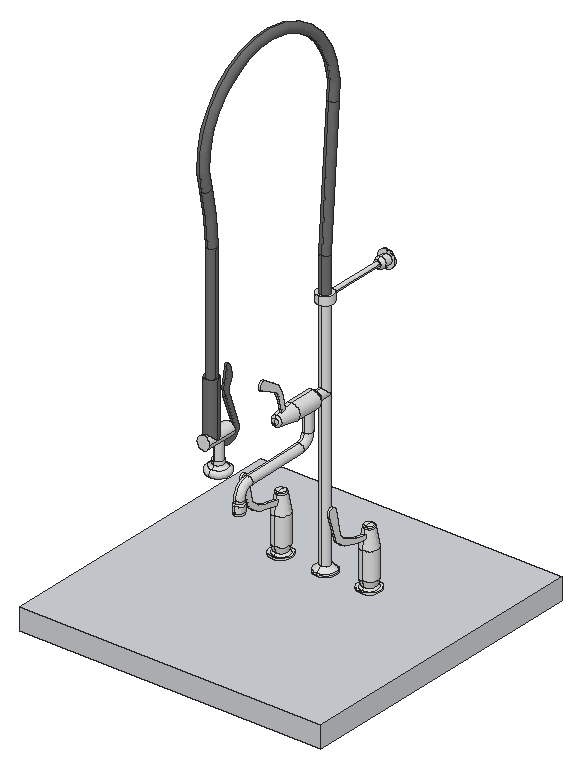
Revit family
Parameters (values of type "TF83HJP")
  WELSRating_ANZRS = ""
  URL = "www.galvinengineering.com.au"
  Type Comments = "Ezy-Wash Pre-Rinse"
  StyleOrType_ANZRS = "Plumbing Fixture"
  PlumbingMaterial_ANZRS = Metal_Taps_DR-Brass-with-Chrome-Finish_10800
  Outlet = "1000mm long high pressure hose with swivel ends"
  ModifiedIssue_ANZRS = 20120721.01  # constant formula
  Model = "TF83HJP"
  Manufacturer = "Galvin Engineering"
  Keynote = "15400"
  Instructions = "http://www.galvinengineering.com.au/Installation_Guides_1.aspx"
  Inlet = "15mm BSP Male"
  FlowRate = 0.000 L/s
  FlexibleHoseMaterial = Rubber_Taps_Black-with-Spring_10800
  FilterObject_ANZRS = "Ezy-Wash"
  DimInletRadius = 7.5 mm  # constant formula
  DimHeight = 1200 mm  # constant formula
  DimAdjustableLength [instance] = 180 mm
  Description = "Hob Mounted Pre-Rinse Exposed Mixing Unit Type 83H"
  Default Elevation = 900 mm
  CreatedBy_ANZRS = "Galvin Engineering"
  CreatedByURL_ANZRS = "www.galvinengineering.com.au"
  CreatedByPhoneNo_ANZRS = "61-8-92495900"
  Assembly Code = "D2010"
Reference planes
  plane 1 "Back": y = 0
  plane 2 "Face": z = 0
  plane 3 "Center (Left/Right)": x = 0
  plane 4 "Top": z = 1200
  plane 5 "CutLength": y = 180
  plane 6: y = 152.411
  plane 7 "Outlet1": z = 230
  plane 8 "Depth1": y = -250.131
  plane 9 "Front": y = -310.475
  plane 10 "Left": x = -102.5
  plane 11 "Right": x = 102.5
  plane 12: z = 340
Forms (mm)
  Extrusion 1, solid
    sketch origin (0, -719.2, 0) x (1, 0, 0) y (0, 1, 0)
      loop
        line (-350, 969.2) -> (-350, 269.2) -> (350, 269.2) -> (350, 969.2) -> (-350, 969.2)
    from 0 to -50
  Revolve 2, solid, material "Metal_Taps_DR-Brass-with-Chrome-Finish_10800" <- "PlumbingMaterial_ANZRS"
    sketch origin (0, 0, 0) x (0, 1, 0) y (0, 0, 1)
      loop
        line (0, 580.451) -> (-19, 580.451) -> (-19, 562.451) -> (-11.1, 562.451) -> (-11.1, 14.3) -> (-12.2, 14.3) -> (-24.082, 4.295)
        arc (-24.082, 4.295) -> (-24.87, 3.266) -> (-25.15, 2) r 3
        line (-25.15, 2) -> (-25.15, 0) -> (0, 0) -> (0, 580.451)
      axis (0, 580.451) -> (0, 0)
    angle from 0 to 360
  Revolve 3, solid, material "Metal_Taps_DR-Brass-with-Chrome-Finish_10800" <- "PlumbingMaterial_ANZRS"
    sketch origin (0, -140, 275) x (0, 0, 1) y (0, -1, 0)
      loop
        line (-21.167, 110.475) -> (-21.167, 120.475) -> (-26.583, 122.458) -> (-40.125, 122.458) -> (-45, 121.808) -> (-45, 110.475) -> (-21.167, 110.475)
      axis (-21.167, 110.475) -> (-45, 110.475)
    angle from 0 to 360
  Extrusion 4, solid, material "Metal_Taps_DR-Brass-with-Chrome-Finish_10800" <- "PlumbingMaterial_ANZRS"
    sketch origin (0, 76, 40) x (0, 0, 1) y (0, -1, 0)
      loop
        arc (405.482, 238.054) -> (391.839, 220.276) -> (371.613, 210.628) r 48
        line (371.613, 210.628) -> (337.488, 203.375) -> (339.435, 192.543) -> (379.064, 200.966)
        arc (379.064, 200.966) -> (400.215, 210.054) -> (416.278, 226.543) r 59
        line (416.278, 226.543) -> (432.699, 251.829)
        arc (432.699, 251.829) -> (429.833, 265.317) -> (416.345, 262.45) r 9.75
        line (416.345, 262.45) -> (405.482, 238.054)
    from -2.5 to 2.5
  Sweep 5, solid, material "Metal_Taps_DR-Brass-with-Chrome-Finish_10800" <- "PlumbingMaterial_ANZRS"
    path origin (0, 76, 40) x (0, 0, 1) y (0, -1, 0)
      loop
        line (213.833, 326.475) -> (218.713, 326.475)
        arc (218.713, 326.475) -> (237.45, 318.81) -> (245.44, 300.209) r 26.731
        line (245.44, 300.209) -> (248.035, 151.369)
        arc (248.035, 151.369) -> (255.672, 133.591) -> (273.581, 126.264) r 25.55
        line (273.581, 126.264) -> (333.751, 126.264)
    profile origin (0, -50.264, 343.666) x (0, -1, 0) y (1, 0, 0)
      loop
        circle (0, 0) r 10
  Revolve 6, solid, material "Metal_Taps_DR-Brass-with-Chrome-Finish_10800" <- "PlumbingMaterial_ANZRS"
    sketch origin (-102.5, 0, 0) x (0, 0, -1) y (0, -1, 0)
      loop
        line (-86.013, -19.05) -> (-22.175, -19.05) -> (-8, -15) -> (-3, -19) -> (-3, -25.4) -> (0, -25.4) -> (0, 0) -> (-132.978, 0)
        arc (-132.978, 0) -> (-132.706, -5.074) -> (-131.894, -10.089) r 47.506
        line (-131.894, -10.089) -> (-130.013, -11.5) -> (-128.013, -11.5) -> (-86.013, -19.05)
      axis (-132.978, 0) -> (0, 0)
    angle from 0 to 360
  Extrusion 7, solid, material "Metal_Taps_DR-Brass-with-Chrome-Finish_10800" <- "PlumbingMaterial_ANZRS"
    sketch origin (-102.5, 0, 33.75) x (0, 0, -1) y (0, -1, 0)
      loop
        arc (-116.164, 89.621) -> (-97.665, 66.141) -> (-88.739, 37.613) r 82.557
        line (-88.739, 37.613) -> (-81.485, 3.488) -> (-70.653, 5.435) -> (-79.077, 45.064)
        arc (-79.077, 45.064) -> (-87.612, 73.542) -> (-104.654, 97.903) r 93.519
        line (-104.654, 97.903) -> (-164.94, 116.838)
        arc (-164.94, 116.838) -> (-178.427, 113.972) -> (-175.56, 100.484) r 9.75
        line (-175.56, 100.484) -> (-116.164, 89.621)
    from -2.5 to 2.5
  Revolve 8, solid, material "Metal_Taps_DR-Brass-with-Chrome-Finish_10800" <- "PlumbingMaterial_ANZRS"
    sketch origin (0, 182.495, 38.919) x (0, 0, 1) y (0, -1, 0)
      loop
        line (532.575, 30.084) -> (523.865, 30.084) -> (520.575, 21.522) -> (520.575, 4.495) -> (512.575, 4.495) -> (512.575, 2.495) -> (532.575, 2.495) -> (532.575, 30.084)
      axis (532.575, 30.084) -> (532.575, 2.495)
    angle from 0 to 360
  Extrusion 9, solid, material "Metal_Taps_DR-Brass-with-Chrome-Finish_10800" <- "PlumbingMaterial_ANZRS"
    sketch origin (0, -573.749, 505.449) x (1, 0, 0) y (0, 0, -1)
      loop
        circle (0, -66.426) r 5
    from 573.749 to 726.16
  Revolve 10, solid, material "Metal_Taps_DR-Brass-with-Chrome-Finish_10800" <- "PlumbingMaterial_ANZRS"
    sketch origin (102.5, 0, 0) x (0, 0, -1) y (0, -1, 0)
      loop
        line (-86.013, -19.05) -> (-22.175, -19.05) -> (-8, -15) -> (-3, -19) -> (-3, -25.4) -> (0, -25.4) -> (0, 0) -> (-132.978, 0)
        arc (-132.978, 0) -> (-132.706, -5.074) -> (-131.894, -10.089) r 47.506
        line (-131.894, -10.089) -> (-130.013, -11.5) -> (-128.013, -11.5) -> (-86.013, -19.05)
      axis (-132.978, 0) -> (0, 0)
    angle from 0 to 360
  Extrusion 11, solid, material "Metal_Taps_DR-Brass-with-Chrome-Finish_10800" <- "PlumbingMaterial_ANZRS"
    sketch origin (102.5, 0, 0) x (0, 0, -1) y (0, 1, 0)
      loop
        line (-149.914, -89.621) -> (-209.31, -100.484)
        arc (-209.31, -100.484) -> (-212.177, -113.972) -> (-198.69, -116.838) r 9.75
        line (-198.69, -116.838) -> (-138.404, -97.903)
        arc (-138.404, -97.903) -> (-121.362, -73.542) -> (-112.827, -45.064) r 93.519
        line (-112.827, -45.064) -> (-104.403, -5.435) -> (-115.235, -3.488) -> (-122.489, -37.613)
        arc (-122.489, -37.613) -> (-131.415, -66.141) -> (-149.914, -89.621) r 82.557
    from -2.5 to 2.5
  Revolve 12, solid, material "Metal_Taps_DR-Brass-with-Chrome-Finish_10800" <- "PlumbingMaterial_ANZRS"
    sketch origin (0, 76, 40) x (0, 0, 1) y (0, -1, 0)
      loop
        line (314.701, 174.531) -> (314.701, 112.555) -> (322.638, 102.201) -> (322.638, 76) -> (333.751, 76) -> (333.751, 221.555)
        arc (333.751, 221.555) -> (329.735, 221.404) -> (325.747, 220.913) r 47.492
        arc (325.747, 220.913) -> (323.586, 219.811) -> (322.455, 217.664) r 4.014
        line (322.455, 217.664) -> (314.701, 174.531)
      axis (333.751, 221.555) -> (333.751, 76)
    angle from 0 to 360
  Revolve 13, solid, material "Metal_Taps_DR-Brass-with-Chrome-Finish_10800" <- "PlumbingMaterial_ANZRS"
    sketch origin (0, 76, -106.022) x (0, 0, 1) y (0, -1, 0)
      loop
        line (475.022, 398.475) -> (468.022, 398.475)
        arc (468.022, 398.475) -> (462.365, 400.818) -> (460.022, 406.475) r 8
        arc (460.022, 406.475) -> (453.022, 413.475) -> (446.022, 406.475) r 7
        line (446.022, 406.475) -> (446.022, 386.475) -> (526.522, 386.475) -> (526.522, 395.725) -> (475.022, 395.725) -> (475.022, 398.475)
      axis (526.522, 386.475) -> (446.022, 386.475)
    angle from 0 to 360
  Extrusion 14, solid, material "Metal_Taps_DR-Brass-with-Chrome-Finish_10800" <- "PlumbingMaterial_ANZRS"
    sketch origin (0, 320.428, 486.926) x (1, 0, 0) y (0, 0, 1)
      loop
        circle (0, -66.426) r 15
    from 601.678 to 673.678
  Extrusion 15, solid, material "Rubber_Taps_Black_10800"
    sketch origin (0, 76.937, -107.522) x (0, 0, 1) y (0, -1, 0)
      loop
        arc (627.956, 372.705) -> (613.482, 373.415) -> (599.326, 370.32) r 55
        line (599.326, 370.32) -> (532.028, 345.957)
        arc (532.028, 345.957) -> (518.289, 346.32) -> (511.522, 358.283) r 13.957
        line (511.522, 358.283) -> (511.522, 378.095) -> (491.645, 378.095)
        arc (491.645, 378.095) -> (497.617, 375.265) -> (498.15, 368.678) r 6.607
        arc (498.15, 368.678) -> (502.572, 340.003) -> (530.803, 333.309) r 25.979
        line (530.803, 333.309) -> (598.627, 358.859)
        arc (598.627, 358.859) -> (609.29, 360.397) -> (619.611, 357.306) r 25
        arc (619.611, 357.306) -> (641.346, 352.239) -> (662.465, 359.455) r 40.5
        arc (662.465, 359.455) -> (664.088, 363.585) -> (660.899, 366.672) r 4
        line (660.899, 366.672) -> (627.956, 372.705)
    from -2.5 to 2.5
  Extrusion 16, solid, material "Rubber_Taps_Black_10800"
    sketch origin (0, 0, 3.5) x (1, 0, 0) y (0, 1, 0)
      loop
        circle (0, -330.783) r 15
    from 417 to 545.7
  Extrusion 17, solid, material "Rubber_Taps_Black_10800"
    sketch origin (0, 0, 3.5) x (1, 0, 0) y (0, 1, 0)
      loop
        circle (0, -330.783) r 11.1
    from 545.7 to 818.71
  Sweep 18, solid, material "Rubber_Taps_Black-with-Spring_10800" <- "FlexibleHoseMaterial"
    path origin (0, 76, 163.875) x (0, 0, 1) y (0, -1, 0)
      loop
        line (416.576, 76) -> (497.749, 76)
        arc (497.749, 76) -> (653.483, 70.392) -> (808.411, 53.595) r 2165
        arc (808.411, 53.595) -> (1025.004, 253.639) -> (784.446, 424.115) r 189.76
        arc (784.446, 424.115) -> (721.983, 411.136) -> (658.335, 406.783) r 467.457
    profile origin (0, 0, 621.037) x (0, -1, 0) y (1, 0, 0)
      loop
        circle (0, 0) r 11.1
Cuts and joins
  joined: Revolve 2, Extrusion 4, Sweep 5, Extrusion 9
  joined: Revolve 13, Extrusion 14
Dimensions and locks
  "DimHeight": plane 4 "Top" to plane 2 "Face"
  "DimAdjustableLength": plane 5 "CutLength" to plane 1 "Back"
  locked: plane 5 "CutLength" to plane 6 at 27.589
  locked: plane 1 "Back" to plane 8 "Depth1" at 250.131
  locked: plane 1 "Back" to plane 9 "Front" at 310.475
  locked: plane 2 "Face" to plane 7 "Outlet1" at 230
  locked: plane 10 "Left" to plane 11 "Right" at 205
  locked: plane 2 "Face" to plane 12 at 340
  aligned and locked: plane 2 "Face" to Extrusion 1
  aligned and locked: level to Extrusion 1
  aligned and locked: cut or joined group of Revolve 2, Extrusion 4, Sweep 5, Extrusion 9 to plane 6
  aligned and locked: Revolve 12 to plane 1 "Back"
Automatic sketch dimensions
  Extrusion 1 sketch curve to Extrusion 1 sketch curve = 700 mm  (x2)
  plane 7 "Outlet1" to Revolve 3 sketch curve = 0 mm
  Revolve 3 sketch curve to plane 8 "Depth1" = 0.344 mm  (x2)
  plane 7 "Outlet1" to Revolve 3 sketch curve = 8.083 mm
  Revolve 3 sketch curve to plane 7 "Outlet1" = 4.875 mm
  Revolve 3 sketch curve to Revolve 3 sketch curve = 11.917 mm  (x2)
  Revolve 3 sketch curve to Revolve 3 sketch curve = 13.542 mm
  Revolve 3 sketch curve to Revolve 3 sketch curve = 10 mm
  Revolve 3 sketch curve to Revolve 3 sketch curve = 11.333 mm
  Revolve 3 sketch curve to Revolve 3 sketch curve = 0.65 mm
  Extrusion 4 sketch curve to plane 12 = 37.488 mm
  Extrusion 4 sketch curve to Extrusion 4 sketch curve = 1.947 mm
  Extrusion 4 sketch curve to Extrusion 4 sketch curve = 24.145 mm
  Extrusion 4 sketch curve to Extrusion 4 sketch curve = 5.164 mm
  Extrusion 4 sketch curve to Extrusion 4 sketch curve = 34.125 mm
  Extrusion 4 sketch curve to Extrusion 4 sketch curve = 7.451 mm
  Extrusion 4 sketch curve to Extrusion 4 sketch curve = 33.869 mm
  Extrusion 4 sketch curve to Extrusion 4 sketch curve = 10.796 mm
  Extrusion 4 sketch curve to Extrusion 4 sketch curve = 10.863 mm
  Extrusion 4 sketch curve to Extrusion 4 sketch curve = 8.177 mm  (x2)
  plane 8 "Depth1" to Extrusion 4 sketch curve = 74.302 mm
  Extrusion 4 sketch curve to Extrusion 4 sketch curve = 13.775 mm
  Extrusion 4 sketch curve to Extrusion 4 sketch curve = 11.511 mm
  Extrusion 4 sketch curve to Extrusion 4 sketch curve = 27.426 mm
  Extrusion 4 sketch curve to Extrusion 4 sketch curve = 7.253 mm
  Extrusion 4 sketch curve to Extrusion 4 sketch curve = 9.662 mm
  Extrusion 4 sketch curve to Extrusion 4 sketch curve = 10.832 mm
  Extrusion 4 sketch curve to Extrusion 4 sketch curve = 5.31 mm
  Sweep 5 sketch curve to profile plane = 0 mm  (x2)
  Revolve 6 sketch curve to plane 1 "Back" = 0 mm  (x2)
  Revolve 6 sketch curve to level = 0 mm
  level to Revolve 6 sketch curve = 3 mm
  Revolve 6 sketch curve to Revolve 6 sketch curve = 5 mm
  Revolve 6 sketch curve to Revolve 6 sketch curve = 14.983 mm
  Revolve 6 sketch curve to Revolve 6 sketch curve = 14.175 mm
  Revolve 6 sketch curve to Revolve 6 sketch curve = 0.542 mm
  Revolve 6 sketch curve to Revolve 6 sketch curve = 2 mm
  Revolve 6 sketch curve to Revolve 6 sketch curve = 1.881 mm
  Revolve 6 sketch curve to Revolve 6 sketch curve = 1.084 mm
  Revolve 6 sketch curve to level = 94.804 mm
  Revolve 6 sketch curve to Revolve 6 sketch curve = 1.411 mm
  Revolve 6 sketch curve to plane 1 "Back" = 15 mm
  Revolve 6 sketch curve to Revolve 6 sketch curve = 4 mm
  Revolve 6 sketch curve to Revolve 6 sketch curve = 4.05 mm
  Revolve 6 sketch curve to Revolve 6 sketch curve = 6.4 mm
  plane 7 "Outlet1" to Extrusion 7 sketch curve = 20.69 mm
  plane 7 "Outlet1" to Extrusion 7 sketch curve = 24.462 mm
  Extrusion 7 sketch curve to Extrusion 7 sketch curve = 1.098 mm
  Extrusion 7 sketch curve to Extrusion 7 sketch curve = 5.31 mm  (x2)
  plane 1 "Back" to Extrusion 7 sketch curve = 3.488 mm
  Extrusion 7 sketch curve to Extrusion 7 sketch curve = 9.662 mm
  plane 1 "Back" to Extrusion 7 sketch curve = 5.435 mm
  Extrusion 7 sketch curve to Extrusion 7 sketch curve = 10.832 mm
  plane 1 "Back" to Extrusion 7 sketch curve = 27.633 mm
  Extrusion 7 sketch curve to Extrusion 7 sketch curve = 5.164 mm
  Extrusion 7 sketch curve to Extrusion 7 sketch curve = 34.125 mm
  Extrusion 7 sketch curve to Extrusion 7 sketch curve = 7.451 mm
  Extrusion 7 sketch curve to Extrusion 7 sketch curve = 10.863 mm
  Extrusion 7 sketch curve to Extrusion 7 sketch curve = 8.177 mm
  Revolve 8 sketch curve to plane 5 "CutLength" = 0 mm
  Revolve 8 sketch curve to plane 6 = 0 mm
  Revolve 8 sketch curve to plane 12 = 211.494 mm
  Revolve 8 sketch curve to plane 5 "CutLength" = 2 mm
  Revolve 8 sketch curve to Revolve 8 sketch curve = 8 mm
  Revolve 8 sketch curve to Revolve 8 sketch curve = 3.29 mm
  Revolve 8 sketch curve to Revolve 8 sketch curve = 8.71 mm
  Revolve 8 sketch curve to Revolve 8 sketch curve = 0 mm
  Revolve 8 sketch curve to Revolve 8 sketch curve = 8.344 mm
  Revolve 8 sketch curve to plane 6 = 12.589 mm
  Revolve 8 sketch curve to plane 6 = 8.562 mm
  Extrusion 9 sketch curve to plane 3 "Center (Left/Right)" = 0 mm
  Extrusion 9 sketch curve to plane 12 = 231.875 mm
  Revolve 10 sketch curve to plane 1 "Back" = 0 mm  (x2)
  Revolve 10 sketch curve to level = 0 mm
  Revolve 10 sketch curve to level = 3 mm
  Revolve 10 sketch curve to Revolve 10 sketch curve = 5 mm
  Revolve 10 sketch curve to level = 14.983 mm
  Revolve 10 sketch curve to Revolve 10 sketch curve = 14.175 mm
  Revolve 10 sketch curve to Revolve 10 sketch curve = 0.542 mm
  Revolve 10 sketch curve to Revolve 10 sketch curve = 2 mm
  Revolve 10 sketch curve to Revolve 10 sketch curve = 1.881 mm
  Revolve 10 sketch curve to Revolve 10 sketch curve = 1.084 mm
  Revolve 10 sketch curve to Revolve 10 sketch curve = 94.804 mm
  Revolve 10 sketch curve to Revolve 10 sketch curve = 1.411 mm
  plane 1 "Back" to Revolve 10 sketch curve = 15 mm
  Revolve 10 sketch curve to Revolve 10 sketch curve = 4 mm
  Revolve 10 sketch curve to Revolve 10 sketch curve = 4.05 mm
  Revolve 10 sketch curve to Revolve 10 sketch curve = 6.4 mm
  Extrusion 11 sketch curve to plane 7 "Outlet1" = 20.69 mm
  Extrusion 11 sketch curve to plane 7 "Outlet1" = 24.462 mm
  Extrusion 11 sketch curve to Extrusion 11 sketch curve = 1.098 mm
  Extrusion 11 sketch curve to Extrusion 11 sketch curve = 5.31 mm  (x2)
  Extrusion 11 sketch curve to plane 1 "Back" = 3.488 mm
  Extrusion 11 sketch curve to Extrusion 11 sketch curve = 9.662 mm
  Extrusion 11 sketch curve to plane 1 "Back" = 5.435 mm
  Extrusion 11 sketch curve to Extrusion 11 sketch curve = 10.832 mm
  Extrusion 11 sketch curve to plane 1 "Back" = 27.633 mm
  Extrusion 11 sketch curve to Extrusion 11 sketch curve = 5.164 mm
  Extrusion 11 sketch curve to Extrusion 11 sketch curve = 34.125 mm
  Extrusion 11 sketch curve to Extrusion 11 sketch curve = 7.451 mm
  Extrusion 11 sketch curve to Extrusion 11 sketch curve = 10.863 mm
  Extrusion 11 sketch curve to Extrusion 11 sketch curve = 8.177 mm
  Revolve 12 sketch curve to plane 1 "Back" = 0 mm
  Revolve 12 sketch curve to plane 12 = 14.701 mm
  Revolve 12 sketch curve to plane 12 = 22.455 mm
  Revolve 12 sketch curve to plane 12 = 22.638 mm
  Revolve 12 sketch curve to Revolve 12 sketch curve = 3.293 mm
  Revolve 12 sketch curve to Revolve 12 sketch curve = 0 mm
  Revolve 12 sketch curve to Revolve 12 sketch curve = 0.658 mm
  Revolve 12 sketch curve to Revolve 12 sketch curve = 18.829 mm
  Revolve 12 sketch curve to Revolve 12 sketch curve = 11.112 mm
  Revolve 12 sketch curve to Revolve 12 sketch curve = 0.221 mm
  Revolve 12 sketch curve to plane 1 "Back" = 37.252 mm
  Revolve 12 sketch curve to Revolve 12 sketch curve = 26.201 mm
  Revolve 12 sketch curve to Revolve 12 sketch curve = 10.353 mm
  Revolve 12 sketch curve to Revolve 12 sketch curve = 36.193 mm
  Revolve 12 sketch curve to Revolve 12 sketch curve = 25.316 mm
  Revolve 12 sketch curve to Revolve 12 sketch curve = 0.467 mm
  Revolve 12 sketch curve to Revolve 12 sketch curve = 42.89 mm
  Revolve 13 sketch curve to plane 9 "Front" = 0 mm  (x2)
  plane 12 to Revolve 13 sketch curve = 0 mm
  Revolve 13 sketch curve to Revolve 13 sketch curve = 15 mm
  Revolve 13 sketch curve to Revolve 13 sketch curve = 7 mm  (x2)
  Revolve 13 sketch curve to Revolve 13 sketch curve = 0 mm
  Revolve 13 sketch curve to Revolve 13 sketch curve = 8 mm
  Revolve 13 sketch curve to Revolve 13 sketch curve = 6 mm
  Revolve 13 sketch curve to Revolve 13 sketch curve = 45.5 mm
  plane 9 "Front" to Revolve 13 sketch curve = 9.25 mm
  Revolve 13 sketch curve to Revolve 13 sketch curve = 2.75 mm
  Extrusion 14 sketch curve to plane 3 "Center (Left/Right)" = 0 mm
  Extrusion 14 sketch curve to plane 12 = 80.5 mm
  Sweep 5 sketch curve to plane 8 "Depth1" = 0.344 mm
  Sweep 5 sketch curve to plane 7 "Outlet1" = 23.833 mm
  Sweep 5 sketch curve to Sweep 5 sketch curve = 4.88 mm
  plane 8 "Depth1" to Sweep 5 sketch curve = 25.922 mm
  Sweep 5 sketch curve to Sweep 5 sketch curve = 26.727 mm
  plane 12 to Sweep 5 sketch curve = 51.965 mm
  plane 12 to Sweep 5 sketch curve = 26.419 mm
  plane 1 "Back" to Sweep 5 sketch curve = 75.814 mm
  Sweep 5 sketch curve to Sweep 5 sketch curve = 0.445 mm
  Sweep 5 sketch curve to plane 12 = 33.751 mm
  Revolve 6 sketch curve to Revolve 6 sketch curve = 63.297 mm
  Revolve 6 sketch curve to plane 1 "Back" = 11.5 mm
  Extrusion 7 sketch curve to Extrusion 7 sketch curve = 48.775 mm
  Extrusion 7 sketch curve to Extrusion 7 sketch curve = 11.511 mm
  Extrusion 7 sketch curve to Extrusion 7 sketch curve = 27.426 mm
  Extrusion 7 sketch curve to Extrusion 7 sketch curve = 7.253 mm
  Revolve 10 sketch curve to Revolve 10 sketch curve = 63.297 mm
  plane 1 "Back" to Revolve 10 sketch curve = 11.5 mm
  Extrusion 11 sketch curve to Extrusion 11 sketch curve = 48.775 mm
  Extrusion 11 sketch curve to Extrusion 11 sketch curve = 11.511 mm
  Extrusion 11 sketch curve to Extrusion 11 sketch curve = 27.426 mm
  Extrusion 11 sketch curve to Extrusion 11 sketch curve = 7.253 mm
  Extrusion 15 sketch curve to plane 9 "Front" = 9.317 mm
  Extrusion 15 sketch curve to plane 12 = 44.123 mm
  Extrusion 15 sketch curve to Extrusion 15 sketch curve = 0.536 mm
  Extrusion 15 sketch curve to Extrusion 15 sketch curve = 5.969 mm
  Extrusion 15 sketch curve to Extrusion 15 sketch curve = 13.372 mm
  Extrusion 15 sketch curve to Extrusion 15 sketch curve = 10.139 mm
  Extrusion 15 sketch curve to Extrusion 15 sketch curve = 3.819 mm
  Extrusion 15 sketch curve to plane 8 "Depth1" = 6.24 mm
  Extrusion 15 sketch curve to Extrusion 15 sketch curve = 5.324 mm
  Extrusion 15 sketch curve to Extrusion 15 sketch curve = 1.225 mm
  Extrusion 15 sketch curve to plane 9 "Front" = 28.554 mm
  Extrusion 15 sketch curve to Extrusion 15 sketch curve = 66.6 mm
  Extrusion 15 sketch curve to plane 9 "Front" = 17.093 mm
  Extrusion 15 sketch curve to Extrusion 15 sketch curve = 0.699 mm
  Extrusion 15 sketch curve to plane 8 "Depth1" = 8.397 mm
  Extrusion 15 sketch curve to Extrusion 15 sketch curve = 8.819 mm
  plane 8 "Depth1" to Extrusion 15 sketch curve = 8.464 mm
  Extrusion 15 sketch curve to Extrusion 15 sketch curve = 10.602 mm
  Extrusion 15 sketch curve to Extrusion 15 sketch curve = 20.983 mm
  Extrusion 15 sketch curve to Extrusion 15 sketch curve = 0 mm
  Extrusion 15 sketch curve to plane 9 "Front" = 14.708 mm
  plane 9 "Front" to Extrusion 15 sketch curve = 5.276 mm
  Extrusion 15 sketch curve to Extrusion 15 sketch curve = 32.223 mm
  Extrusion 15 sketch curve to plane 9 "Front" = 20.741 mm
  Extrusion 15 sketch curve to Extrusion 15 sketch curve = 0.721 mm
  Extrusion 15 sketch curve to Extrusion 15 sketch curve = 2.286 mm
  Extrusion 15 sketch curve to Extrusion 15 sketch curve = 12.648 mm
  Extrusion 15 sketch curve to Extrusion 15 sketch curve = 0.657 mm
  Extrusion 16 sketch curve to plane 3 "Center (Left/Right)" = 0 mm
  plane 9 "Front" to Extrusion 16 sketch curve = 20.308 mm
  Extrusion 17 sketch curve to plane 3 "Center (Left/Right)" = 0 mm
  plane 9 "Front" to Extrusion 17 sketch curve = 20.308 mm
  Sweep 18 sketch curve to profile plane = 0 mm  (x2)
  Sweep 18 sketch curve to plane 1 "Back" = 0 mm
  Sweep 18 sketch curve to plane 12 = 240.451 mm
  Sweep 18 sketch curve to Sweep 18 sketch curve = 81.173 mm
  plane 9 "Front" to Sweep 18 sketch curve = 20.308 mm
  Sweep 18 sketch curve to Sweep 18 sketch curve = 160.586 mm
  plane 9 "Front" to Sweep 18 sketch curve = 37.64 mm
  Sweep 18 sketch curve to Sweep 18 sketch curve = 126.111 mm
  Sweep 18 sketch curve to Sweep 18 sketch curve = 0 mm
  Sweep 18 sketch curve to plane 1 "Back" = 22.405 mm
  Sweep 18 sketch curve to Sweep 18 sketch curve = 310.662 mm
  Revolve 2 sketch curve to level = 0 mm
  Revolve 2 sketch curve to plane 1 "Back" = 0 mm  (x2)
  plane 1 "Back" to Revolve 2 sketch curve = 11.1 mm
  plane 1 "Back" to Revolve 2 sketch curve = 12.2 mm
  plane 1 "Back" to Revolve 2 sketch curve = 19 mm
  level to Revolve 2 sketch curve = 2 mm
  Revolve 2 sketch curve to Revolve 2 sketch curve = 9.95 mm
  Revolve 2 sketch curve to Revolve 2 sketch curve = 1.932 mm
  Revolve 2 sketch curve to Revolve 2 sketch curve = 3 mm
  Revolve 2 sketch curve to level = 20 mm
  Revolve 2 sketch curve to Revolve 2 sketch curve = 2 mm
  level to Revolve 2 sketch curve = 14.3 mm
  Revolve 2 sketch curve to plane 12 = 222.451 mm
  Revolve 2 sketch curve to Revolve 2 sketch curve = 18 mm
  radius of Sweep 5 sketch curve = 10 mm
  radius of Extrusion 9 sketch curve = 5 mm
  radius of Extrusion 14 sketch curve = 15 mm
  radius of Extrusion 16 sketch curve = 15 mm
  radius of Extrusion 17 sketch curve = 11.1 mm
  radius of Sweep 18 sketch curve = 11.1 mm
Connectors
  piping at (-102.5, 0, 0), driven by "FlowRate", driven by "DimInletRadius"
    settings: on Revolve 6, index 1, connector radius 0.29528", flow factor 0, pipe flow 0.000 L/s, pressure drop 0.00 psi, fitting loss kfactor 0, connector angle 0.00°, fixture units 0, flow configuration 1, flow direction 1, fitting loss method 4, system type 19, connector reference index -1, connector utility 0, adjustable connector no, is connector primary yes, fitting loss table "", connector description "Inlet"
  piping at (102.5, 0, 0), driven by "FlowRate", driven by "DimInletRadius"
    settings: on Revolve 10, index 2, connector radius 0.29528", flow factor 0, pipe flow 0.000 L/s, pressure drop 0.00 psi, fitting loss kfactor 0, connector angle 0.00°, fixture units 0, flow configuration 1, flow direction 1, fitting loss method 4, system type 20, connector reference index -1, connector utility 0, adjustable connector no, is connector primary no, fitting loss table "", connector description "Inlet"
